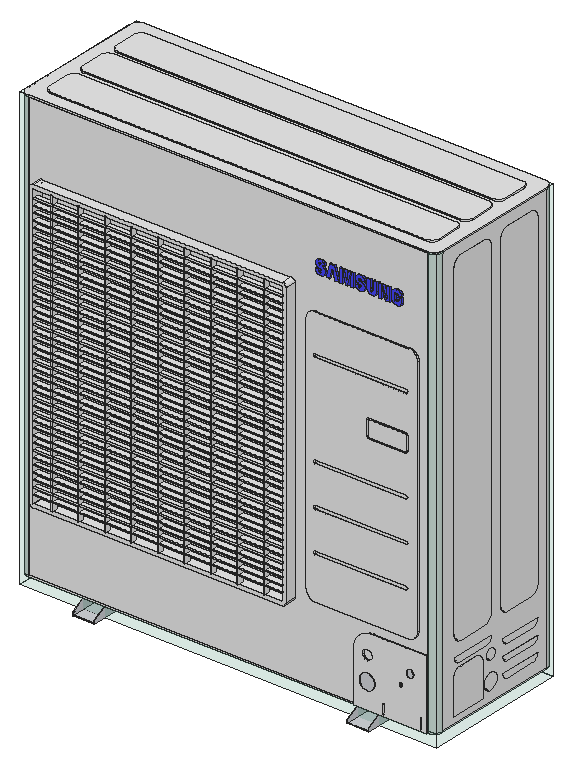
Revit family "EU_EHS_ODU_UB1", category Mechanical Equipment, Revit 2015 (continued)
Definition of nested family "Fan Grill_Square"
  Forms (mm)
    Extrusion 2, solid
      sketch origin (0, 0, 0) x (1, 0, 0) y (0, 1, 0)
        loop
          line (-289.939, 318.205) -> (-289.939, -318.205)
          arc (-289.939, -318.205) -> (-287.393, -324.352) -> (-281.246, -326.898) r 8.693
          line (-281.246, -326.898) -> (281.25, -326.898)
          arc (281.25, -326.898) -> (287.33, -324.418) -> (289.941, -318.393) r 8.693
          line (289.941, -318.393) -> (289.941, 318.393)
          arc (289.941, 318.393) -> (287.33, 324.418) -> (281.25, 326.898) r 8.693
          line (281.25, 326.898) -> (-281.246, 326.898)
          arc (-281.246, 326.898) -> (-287.393, 324.352) -> (-289.939, 318.205) r 8.693
        loop
          line (281.25, 319.498) -> (-281.246, 319.498)
          arc (-281.246, 319.498) -> (-282.16, 319.119) -> (-282.539, 318.205) r 1.294
          line (-282.539, 318.205) -> (-282.541, -318.205)
          arc (-282.541, -318.205) -> (-282.16, -319.119) -> (-281.245, -319.498) r 1.294
          line (-281.245, -319.498) -> (281.251, -319.498)
          arc (281.251, -319.498) -> (282.139, -319.144) -> (282.541, -318.277) r 1.294
          line (282.541, -318.277) -> (282.541, 318.277)
          arc (282.541, 318.277) -> (282.138, 319.145) -> (281.25, 319.498) r 1.294
      from 0 to 24
  Dimensions and locks
    locked: Extrusion 2 sketch curve to Extrusion 2 sketch curve at 7.4  (x4)
    equal spacing: plane 4, plane 3 "Center (Left/Right)", plane 5
    "Width": plane 4 to plane 5
    equal spacing: plane 6, plane 1 "Center (Front/Back)", plane 7
    "Height": plane 6 to plane 7
    "Depth": plane 8 to level
    nested 3 to plane 1 "Center (Front/Back)" to nested 2 = 15.00 mm locked, 15.00 mm locked
    equal spacing: group 1, group 2, group 5, group 6, group 7, group 8, group 9, group 10, group 11, group 12, group 13, group 14, group 15, group 16, group 17, group 18, group 19, group 20, group 21, group 22  (x3)
    equal spacing: group 3, group 4, group 23, group 24, group 25, group 26, group 27, group 28, group 29, group 30, group 31, group 32, group 33, group 34, group 35, group 36, group 37, group 38, group 39, group 40  (x2)
    equal spacing: group 40, group 39, group 38, group 37, group 36, group 35, group 34, group 33, group 32, group 31, group 30, group 29, group 28, group 27, group 26, group 25, group 24, group 23, group 4, group 3
    nested 43 to plane 3 "Center (Left/Right)" to nested 44 = 60.00 mm, 60.00 mm
    equal spacing: group 44, group 43, group 42, group 41
    equal spacing: group 41, group 42, group 43, group 44  (x2)
    equal spacing: group 45, group 46, group 47, group 48  (x3)
    aligned and locked: plane 2 to Extrusion 1
    aligned and locked: level to Extrusion 1
    aligned and locked: plane 7 to Extrusion 2 sketch curve
    aligned and locked: plane 5 to Extrusion 2 sketch curve
    aligned and locked: plane 6 to Extrusion 2 sketch curve
    aligned and locked: plane 4 to Extrusion 2 sketch curve
    aligned and locked: plane 8 to Extrusion 2
    aligned and locked: plane 8 to nested 1
    aligned and locked: plane 1 "Center (Front/Back)" to nested 1
    aligned and locked: plane 3 "Center (Left/Right)" to nested 3
    aligned and locked: plane 3 "Center (Left/Right)" to nested 1
    aligned and locked: plane 3 "Center (Left/Right)" to nested 2
    aligned and locked: plane 3 "Center (Left/Right)" to nested 4
    aligned and locked: nested 42 to plane 1 "Center (Front/Back)"
    aligned and locked: nested 43 to plane 1 "Center (Front/Back)"
    aligned and locked: nested 44 to plane 1 "Center (Front/Back)"
  Automatic sketch dimensions
    Extrusion 1 sketch curve to Extrusion 1 sketch curve = 2438.40 mm  (x2)
    Extrusion 2 sketch curve to Extrusion 2 sketch curve = 0.00 mm  (x14)
    Extrusion 2 sketch curve to Extrusion 2 sketch curve = 0.001 mm  (x2)
    Extrusion 2 sketch curve to plane 5 = 0.00 mm
    Extrusion 2 sketch curve to Extrusion 2 sketch curve = 1.296 mm
    Extrusion 2 sketch curve to Extrusion 2 sketch curve = 1.292 mm  (x2)
    plane 7 to Extrusion 2 sketch curve = 8.505 mm
    Extrusion 2 sketch curve to Extrusion 2 sketch curve = 1.294 mm  (x2)
    Extrusion 2 sketch curve to Extrusion 2 sketch curve = 0.003 mm
    Extrusion 2 sketch curve to Extrusion 2 sketch curve = 1.293 mm
  Nested families
    nested 1: "Grill_Straight" at (0, 0, 12), L <- "Grill Length_Width", type "Grill_Straight"
      with L 565.082 mm, D 12.00 mm
    nested 2: "Grill_Straight" at (0, 15, 12), L <- "Grill Length_Width", type "Grill_Straight"
      with L 565.082 mm, D 12.00 mm
    nested 3: "Grill_Straight" at (0, -15, 12), L <- "Grill Length_Width", type "Grill_Straight"
      with L 565.082 mm, D 12.00 mm
    nested 4: "Grill_Straight" at (0, 30, 12), L <- "Grill Length_Width", type "Grill_Straight"
      with L 565.082 mm, D 12.00 mm
    nested 5: "Grill_Straight" at (0, -30, 12), L <- "Grill Length_Width", type "Grill_Straight"
      with L 565.082 mm, D 12.00 mm
    nested 6: "Grill_Straight" at (0, 45, 12), L <- "Grill Length_Width", type "Grill_Straight"
      with L 565.082 mm, D 12.00 mm
    nested 7: "Grill_Straight" at (0, 60, 12), L <- "Grill Length_Width", type "Grill_Straight"
      with L 565.082 mm, D 12.00 mm
    nested 8: "Grill_Straight" at (0, 75, 12), L <- "Grill Length_Width", type "Grill_Straight"
      with L 565.082 mm, D 12.00 mm
    nested 9: "Grill_Straight" at (0, 90, 12), L <- "Grill Length_Width", type "Grill_Straight"
      with L 565.082 mm, D 12.00 mm
    nested 10: "Grill_Straight" at (0, 105, 12), L <- "Grill Length_Width", type "Grill_Straight"
      with L 565.082 mm, D 12.00 mm
    nested 11: "Grill_Straight" at (0, 120, 12), L <- "Grill Length_Width", type "Grill_Straight"
      with L 565.082 mm, D 12.00 mm
    nested 12: "Grill_Straight" at (0, 135, 12), L <- "Grill Length_Width", type "Grill_Straight"
      with L 565.082 mm, D 12.00 mm
    nested 13: "Grill_Straight" at (0, 150, 12), L <- "Grill Length_Width", type "Grill_Straight"
      with L 565.082 mm, D 12.00 mm
    nested 14: "Grill_Straight" at (0, 165, 12), L <- "Grill Length_Width", type "Grill_Straight"
      with L 565.082 mm, D 12.00 mm
    nested 15: "Grill_Straight" at (0, 180, 12), L <- "Grill Length_Width", type "Grill_Straight"
      with L 565.082 mm, D 12.00 mm
    nested 16: "Grill_Straight" at (0, 195, 12), L <- "Grill Length_Width", type "Grill_Straight"
      with L 565.082 mm, D 12.00 mm
    nested 17: "Grill_Straight" at (0, 210, 12), L <- "Grill Length_Width", type "Grill_Straight"
      with L 565.082 mm, D 12.00 mm
    nested 18: "Grill_Straight" at (0, 225, 12), L <- "Grill Length_Width", type "Grill_Straight"
      with L 565.082 mm, D 12.00 mm
    nested 19: "Grill_Straight" at (0, 240, 12), L <- "Grill Length_Width", type "Grill_Straight"
      with L 565.082 mm, D 12.00 mm
    nested 20: "Grill_Straight" at (0, 255, 12), L <- "Grill Length_Width", type "Grill_Straight"
      with L 565.082 mm, D 12.00 mm
    nested 21: "Grill_Straight" at (0, 270, 12), L <- "Grill Length_Width", type "Grill_Straight"
      with L 565.082 mm, D 12.00 mm
    nested 22: "Grill_Straight" at (0, 285, 12), L <- "Grill Length_Width", type "Grill_Straight"
      with L 565.082 mm, D 12.00 mm
    nested 23: "Grill_Straight" at (0, 300, 12), L <- "Grill Length_Width", type "Grill_Straight"
      with L 565.082 mm, D 12.00 mm
    nested 24: "Grill_Straight" at (0, -45, 12), L <- "Grill Length_Width", type "Grill_Straight"
      with L 565.082 mm, D 12.00 mm
    nested 25: "Grill_Straight" at (0, -60, 12), L <- "Grill Length_Width", type "Grill_Straight"
      with L 565.082 mm, D 12.00 mm
    nested 26: "Grill_Straight" at (0, -75, 12), L <- "Grill Length_Width", type "Grill_Straight"
      with L 565.082 mm, D 12.00 mm
    nested 27: "Grill_Straight" at (0, -90, 12), L <- "Grill Length_Width", type "Grill_Straight"
      with L 565.082 mm, D 12.00 mm
    nested 28: "Grill_Straight" at (0, -105, 12), L <- "Grill Length_Width", type "Grill_Straight"
      with L 565.082 mm, D 12.00 mm
    nested 29: "Grill_Straight" at (0, -120, 12), L <- "Grill Length_Width", type "Grill_Straight"
      with L 565.082 mm, D 12.00 mm
    nested 30: "Grill_Straight" at (0, -135, 12), L <- "Grill Length_Width", type "Grill_Straight"
      with L 565.082 mm, D 12.00 mm
    nested 31: "Grill_Straight" at (0, -150, 12), L <- "Grill Length_Width", type "Grill_Straight"
      with L 565.082 mm, D 12.00 mm
    nested 32: "Grill_Straight" at (0, -165, 12), L <- "Grill Length_Width", type "Grill_Straight"
      with L 565.082 mm, D 12.00 mm
    nested 33: "Grill_Straight" at (0, -180, 12), L <- "Grill Length_Width", type "Grill_Straight"
      with L 565.082 mm, D 12.00 mm
    nested 34: "Grill_Straight" at (0, -195, 12), L <- "Grill Length_Width", type "Grill_Straight"
      with L 565.082 mm, D 12.00 mm
    nested 35: "Grill_Straight" at (0, -210, 12), L <- "Grill Length_Width", type "Grill_Straight"
      with L 565.082 mm, D 12.00 mm
    nested 36: "Grill_Straight" at (0, -225, 12), L <- "Grill Length_Width", type "Grill_Straight"
      with L 565.082 mm, D 12.00 mm
    nested 37: "Grill_Straight" at (0, -240, 12), L <- "Grill Length_Width", type "Grill_Straight"
      with L 565.082 mm, D 12.00 mm
    nested 38: "Grill_Straight" at (0, -255, 12), L <- "Grill Length_Width", type "Grill_Straight"
      with L 565.082 mm, D 12.00 mm
    nested 39: "Grill_Straight" at (0, -270, 12), L <- "Grill Length_Width", type "Grill_Straight"
      with L 565.082 mm, D 12.00 mm
    nested 40: "Grill_Straight" at (0, -285, 12), L <- "Grill Length_Width", type "Grill_Straight"
      with L 565.082 mm, D 12.00 mm
    nested 41: "Grill_Straight" at (0, -300, 12), L <- "Grill Length_Width", type "Grill_Straight"
      with L 565.082 mm, D 12.00 mm
    nested 42: "Grill_Straight" at (0, 0, 12) x (0, 1, 0) z (0, 0, 1), L <- "Grill Length_Height", type "Grill_Straight"
      with L 638.996 mm, D 12.00 mm
    nested 43: "Grill_Straight" at (-60, 0, 12) x (0, 1, 0) z (0, 0, 1), L <- "Grill Length_Height", type "Grill_Straight"
      with L 638.996 mm, D 12.00 mm
    nested 44: "Grill_Straight" at (60, 0, 12) x (0, 1, 0) z (0, 0, 1), L <- "Grill Length_Height", type "Grill_Straight"
      with L 638.996 mm, D 12.00 mm
    nested 45: "Grill_Straight" at (-120, 0, 12) x (0, 1, 0) z (0, 0, 1), L <- "Grill Length_Height", type "Grill_Straight"
      with L 638.996 mm, D 12.00 mm
    nested 46: "Grill_Straight" at (-180, 0, 12) x (0, 1, 0) z (0, 0, 1), L <- "Grill Length_Height", type "Grill_Straight"
      with L 638.996 mm, D 12.00 mm
    nested 47: "Grill_Straight" at (-240, 0, 12) x (0, 1, 0) z (0, 0, 1), L <- "Grill Length_Height", type "Grill_Straight"
      with L 638.996 mm, D 12.00 mm
    nested 48: "Grill_Straight" at (120, 0, 12) x (0, 1, 0) z (0, 0, 1), L <- "Grill Length_Height", type "Grill_Straight"
      with L 638.996 mm, D 12.00 mm
    nested 49: "Grill_Straight" at (180, 0, 12) x (0, 1, 0) z (0, 0, 1), L <- "Grill Length_Height", type "Grill_Straight"
      with L 638.996 mm, D 12.00 mm
    nested 50: "Grill_Straight" at (240, 0, 12) x (0, 1, 0) z (0, 0, 1), L <- "Grill Length_Height", type "Grill_Straight"
      with L 638.996 mm, D 12.00 mm
  Definition of nested family "Grill_Straight"
    Parameters
      T = 2.454 mm
      L [instance] = 572.568 mm
      D [instance] = 12.00 mm
    Reference planes
      plane 1 "Center (Front/Back)": y = 0
      plane 2: z = 0
      plane 3 "Center (Left/Right)": x = 0
      plane 4: x = -286.284
      plane 5: x = 286.284
      plane 6: z = 12
    Forms (mm)
      Extrusion 1, solid
        sketch origin (0, 0, 0) x (1, 0, 0) y (0, 1, 0)
          loop
            line (286.284, -1.227) -> (286.284, 1.227) -> (-286.284, 1.227) -> (-286.284, -1.227) -> (286.284, -1.227)
        from 12 <- "D" to 0
    Dimensions and locks
      equal spacing: plane 4, plane 3 "Center (Left/Right)", plane 5
      "L": plane 4 to plane 5
      "D": plane 6 to level
      equal spacing: Extrusion 1 sketch curve, plane 1 "Center (Front/Back)", Extrusion 1 sketch curve
      "T": Extrusion 1 sketch curve to Extrusion 1 sketch curve
      aligned and locked: level to plane 2
      aligned and locked: plane 5 to Extrusion 1 sketch curve
      aligned and locked: plane 4 to Extrusion 1 sketch curve
      aligned and locked: Extrusion 1 to level
      aligned and locked: plane 6 to Extrusion 1
      aligned and locked: Extrusion 1 to plane 6
      aligned and locked: level to Extrusion 1
Definition of nested family "Include Clearance"
  Parameters (values of type "Include Clearance")
    Width = 880.00 mm
    URL = ""
    Manufacturer = ""
    Height = 793.00 mm
    Equipment Finish [instance] = none
    Depth = 310.00 mm
    Copyright © = ""
    Clearance Offset Top = 0.00 mm
    Clearance Offset Right = 0.00 mm
    Clearance Offset Left = 0.00 mm
    Clearance Offset Front = 0.00 mm
    Clearance Offset Bottom = 0.00 mm
    Clearance Offset Back = 0.00 mm
    Assembly Code = ""
  Reference planes
    plane 1 "Center (Front/Back)": y = 0
    plane 2 "Bottom": z = 0
    plane 3 "Center (Left/Right)": x = 0
    plane 4 "Left": x = -440
    plane 5 "Back": y = 155
    plane 6 "Right": x = 440
    plane 7 "Front": y = -155
    plane 8 "Top": z = 793
    plane 9 "Clearance Offset Right": x = 440
    plane 10 "Clearance Offset Left": x = -440
    plane 11 "Clearance Offset Back": y = 155
    plane 12 "Clearance Offset Front": y = -155
    plane 13 "Clearance Offset Top": z = 793
    plane 14: z = 0
  Forms (mm)
    Extrusion 1, solid
      sketch origin (0, 0, 0) x (1, 0, 0) y (0, 1, 0)
        loop
          line (-440, 155) -> (-440, -155) -> (440, -155) -> (440, 155) -> (-440, 155)
      from 0 to 793
  Lines and regions (mm)
    symbolic lines
      curve 1: line (-440, 0, 793) -> (440, 0, 793)
      curve 2: line (-440, 0, 0) -> (-440, 0, 793)
      curve 3: line (440, 0, 0) -> (-440, 0, 0)
      curve 4: line (440, 0, 793) -> (440, 0, 0)
      curve 5: line (0, 155, 793) -> (0, -155, 793)
      curve 6: line (0, 155, 0) -> (0, 155, 793)
      curve 7: line (0, -155, 0) -> (0, 155, 0)
      curve 8: line (0, -155, 793) -> (0, -155, 0)
      curve 9: line (-440, 155, 0) -> (440, 155, 0)
      curve 10: line (-440, -155, 0) -> (-440, 155, 0)
      curve 11: line (440, -155, 0) -> (-440, -155, 0)
      curve 12: line (440, 155, 0) -> (440, -155, 0)
  Text (mm)
    text "Copyright © Daikin Industries, Ltd. 2008" at (0.011, 0.009, 0), in view "Ref. Level"
  Dimensions and locks
    equal spacing: plane 4 "Left", plane 3 "Center (Left/Right)", plane 6 "Right"
    "Width": plane 4 "Left" to plane 6 "Right"
    equal spacing: plane 5 "Back", plane 1 "Center (Front/Back)", plane 7 "Front"
    "Depth": plane 5 "Back" to plane 7 "Front"
    "Height": plane 8 "Top" to plane 2 "Bottom"
    "Clearance Offset Front": plane 12 "Clearance Offset Front" to plane 7 "Front"
    "Clearance Offset Back": plane 11 "Clearance Offset Back" to plane 5 "Back"
    "Clearance Offset Left": plane 10 "Clearance Offset Left" to plane 4 "Left"
    "Clearance Offset Right": plane 6 "Right" to plane 9 "Clearance Offset Right"
    "Clearance Offset Top": plane 13 "Clearance Offset Top" to plane 8 "Top"
    curve 3 to plane 14 = 0.00 mm
    "Clearance Offset Bottom": plane 2 "Bottom" to plane 14
    aligned and locked: plane 2 "Bottom" to level
    aligned and locked: plane 9 "Clearance Offset Right" to Extrusion 1 sketch curve
    aligned and locked: Extrusion 1 sketch curve to plane 11 "Clearance Offset Back"
    aligned and locked: plane 10 "Clearance Offset Left" to Extrusion 1 sketch curve
    aligned and locked: Extrusion 1 sketch curve to plane 12 "Clearance Offset Front"
    aligned and locked: curve 9 to Extrusion 1  (x2)
    aligned and locked: Extrusion 1 to curve 12
    aligned and locked: curve 12 to Extrusion 1
    aligned and locked: plane 13 "Clearance Offset Top" to Extrusion 1
    aligned and locked: Extrusion 1 to plane 14
    aligned and locked: Extrusion 1 to plane 10 "Clearance Offset Left"
    aligned and locked: Extrusion 1 to plane 9 "Clearance Offset Right"  (x2)
    aligned and locked: Extrusion 1 to plane 13 "Clearance Offset Top"  (x2)
    aligned and locked: plane 14 to Extrusion 1  (x2)
    aligned and locked: curve 1 to plane 13 "Clearance Offset Top"
    aligned and locked: plane 9 "Clearance Offset Right" to curve 4
    aligned and locked: plane 10 "Clearance Offset Left" to curve 2
    aligned and locked: plane 14 to curve 3
    aligned and locked: plane 10 "Clearance Offset Left" to Extrusion 1  (x2)
    aligned and locked: curve 8 to plane 12 "Clearance Offset Front"
    aligned and locked: curve 5 to plane 13 "Clearance Offset Top"
    aligned and locked: curve 6 to plane 11 "Clearance Offset Back"
    aligned and locked: plane 14 to curve 7
Types (8, lengths in mm): name | Voltage | Total Heating Capacity | Total Cooling Capacity | Sound Pressure(Cooling) | Sound Power(Cooling) | Refrigerant Liquid Connection Radius | Refrigerant Liquid Connection Diameter | Refrigerant Charge | Product Name | Power Input Heationg | Power Input Cooling | Phase | Net Weight | Model | Minimum Circuit Ampere(MCA) | Maximum Over Protection(MFA) | Frequency | Energy Efficiency Rating | Discharge Air Flow | Current Input Heating | Current Input Cooling | Coefficient of Performance | Actual Vertical Refrigerant Pipe Length Below Unit | Actual Vertical Refrigerant Pipe Length Above Unit
  (no name) | "220-240 V" | 9 kW | 8 kW | "50 dB(A)" | "63 dB(A)" | 3.175 | 6.35 | 1.70 kg | "EHS SPLIT" | 2.01 kW | 2.2 kW | "1/3" | 68.00 kg | "AE090JXEDEH/EU" | 22 A | 27.5 A | "50 Hz" | "3.64 EER" | "66 CMM" | 9.2 A | 10.1 A | "4.48 COP" | 50.00 | 50.00
  9.00 kW, 220-240V, HEAT PUMP, SPLIT | "220-240 V" | 9 kW | 8 kW | "50 dB(A)" | "63 dB(A)" | 3.175 | 6.35 | 1.70 kg | "EHS SPLIT" | 2.01 kW | 2.2 kW | "1/3" | 68.00 kg | "AE090JXEDEH/EU" | 22 A | 27.5 A | "50 Hz" | "3.64 EER" | "66 CMM" | 9.2 A | 10.1 A | "4.48 COP" | 50.00 | 50.00
  9.00 kW, 380-415V, HEAT PUMP, SPLIT | "380-415 V" | 9 kW | 7.5 kW | "50 dB(A)" | "63 dB(A)" | 3.175 | 6.35 | 1.90 kg | "EHS SPLIT" | 2.01 kW | 2.06 kW | "3/4" | 76.00 kg | "AE090JXEDGH/EU" | 10 A | 16.1 A | "50 Hz" | "3.64 EER" | "66 CMM" | 3.3 A | 3.4 A | "4.48 COP" | 50.00 | 50.00
  9.00 kW, 220-240V, HEAT PUMP, MONO | "220-240 V" | 9 kW | 7.5 kW | "48 dB(A)" | "64 dB(A)" | 4.76 | 9.52 | 1.40 kg | "EHS MONO" | 2.14 kW | 1.95 kW | "1" | 76.00 kg | "AE090JXYDEH/EU" | 22 A | 27.5 A | "50 Hz" | "3.85 EER" | "66 CMM" | 9.2 A | 9 A | "4.21 COP" | 0.00 | 0.00
  9.00 kW, 380-415V, HEAT PUMP, MONO | "380-415 V" | 9 kW | 7 kW | "48 dB(A)" | "64 dB(A)" | 4.76 | 9.52 | 1.50 kg | "EHS MONO" | 2.14 kW | 1.92 kW | "3" | 76.00 kg | "AE090JXYDEH/EU" | 10 A | 16 A | "50 Hz" | "3.65 EER" | "66 CMM" | 3.5 A | 3.2 A | "4.21 COP" | 0.00 | 0.00
  6.60 kW, 220-240V, HEAT PUMP, TDM PLUS | "220-240 V" | 6.6 kW | 6.7 kW | "47 dB(A)" | "67 dB(A)" | 4.76 | 9.52 | 2.60 kg | "EHS SPLIT" | 1.47 kW | 1.48 kW | "1" | 61.00 kg | "AE066MXTPEH/EU" | 20 A | 25 A | "50/60 Hz" | "3.17 EER" | "47 CMM" | 6.7 A | 6.9 A | "3.33 COP" | 0.00 | 0.00
  9.00 kW, 220-240V, HEAT PUMP, TDM PLUS | "220-240 V" | 9 kW | 8 kW | "50 dB(A)" | "69 dB(A)" | 4.76 | 9.52 | 3.50 kg | "EHS TDM PLUS" | 2.12 kW | 1.85 kW | "1" | 74.00 kg | "AE090MXTPEH/EU" | 22 A | 27.5 A | "50 Hz" | "3.13 EER" | "67 CMM" | 9.6 A | 8.5 A | "3.36 COP" | 0.00 | 0.00
  9.00 kW, 380-415V, HEAT PUMP, TDM PLUS | "380-415 V" | 9 kW | 7 kW | "50 dB(A)" | "69 dB(A)" | 4.76 | 9.52 | 2.40 kg | "EHS TDM PLUS" | 2.12 kW | 1.86 kW | "3" | 76.00 kg | "AE090MXTPGH/EU" | 10 A | 16.1 A | "50 Hz" | "3.26 EER" | "67 CMM" | 3.5 A | 3 A | "3.32 COP" | 0.00 | 0.00
